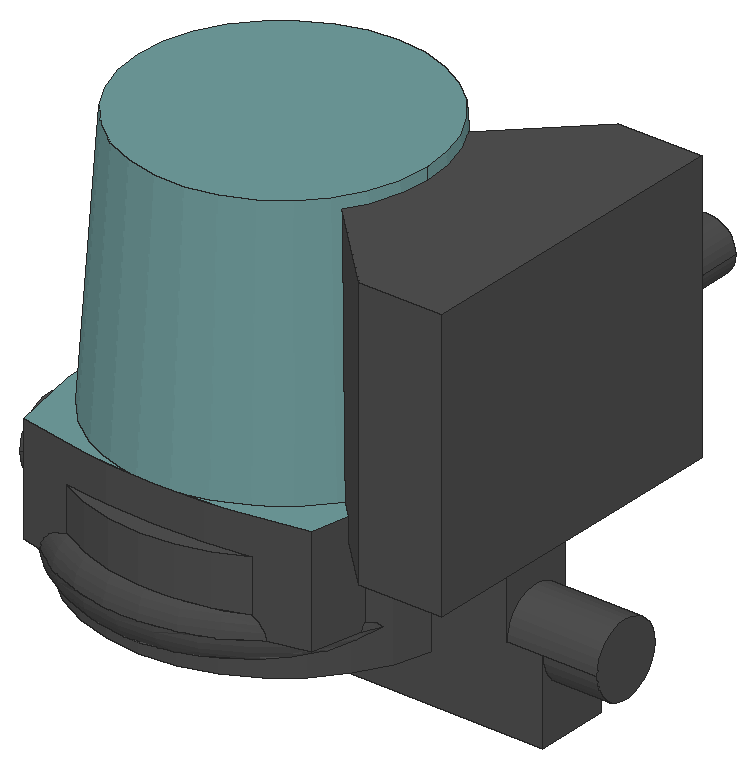
Revit family "Shinhoo_PROMO", category Оборудование, Revit 2019
Family settings
  Размер круглого соединителя = Использовать диаметр
  Классификация = Нет
  Тип детали = Вставляется
  На основе рабочей плоскости = Нет
  Всегда вертикально = Нет
  При загрузке вырезать с полостями = Нет
  Общий = Нет
  Точка расчета площади = Нет
Parameters (values of type "PROMO 15-9A 160 1x230В - 71411001")
  Тип основания = "встроенный"  # constant formula
  Тип Насоса = "Повысительный насос с «мокрым» ротором"  # constant formula
  Степень защиты от удара (IK) = "IK04"  # constant formula
  Скорость вращения = 2850  # constant formula
  Разработчик (телефон) = "+7(495)649-85-43"  # constant formula
  Разработчик (e-mail) = "office@prorubim.com"  # constant formula
  Разработчик = "ООО ПРОРУБИМ"  # constant formula
  Переключатель УГО [instance] = no
  Класс защиты (IP) = "IP43"  # constant formula
  rn_1 = rn + 1 mm  # 11 mm
  rn = DN / 2  # 10 mm
  l_8 = L / 8  # 20 mm
  b1_5 = B1 - 5 mm  # 45 mm
  b1_10 = B1 - 10 mm  # 40 mm
  Группа модели = "PROMO 15-9A"
  Изготовитель = "Shinhoo"  # constant formula
  URL = "https://shinhoopump.ru/"
  L = 160 mm
  H1 = 23 mm
  H2 = 103 mm
  H = H2 + H1  # 126 mm
  DN = 20 mm  # constant formula
  B1 = 50 mm
  B2 = 54 mm
  B = B2 + B1  # 104 mm
  ADSK_Ток = 0.5 A
  ADSK_Расход жидкости = 0.000486 m³/s
  ADSK_Полная мощность = 120 VA
  ADSK_Позиция = ""
  ADSK_Обозначение = "ГОСТ 31839-2012, ГОСТ 12.2.007.0-75, ГОСТ 12.2.003-91, ГОСТ Р МЭК 60204-1-2007,  ГОСТ 30804"  # constant formula
  ADSK_Номинальная мощность = 120 W
  ADSK_Напряжение = 230 V  # constant formula
  ADSK_Наименование краткое = "PROMO 15-9A 160 1x230В"
  ADSK_Наименование = "Повысительный насос с «мокрым» ротором PROMO 15-9A 160 1x230В"
  ADSK_Материал = Чугун с катафорезным покрытием
  ADSK_Масса_Текст = "2.7"
  ADSK_Масса = 2.7
  ADSK_Марка = ""
  ADSK_Коэффициент мощности = 1  # constant formula
  ADSK_Количество = 1  # constant formula
  ADSK_Код изделия = "71411001"
  ADSK_Завод-изготовитель = "Shinhoo"  # constant formula
  ADSK_Единица измерения = "шт"  # constant formula
  ADSK_Версия семейства = "1.0"  # constant formula
  ADSK_Версия Revit = "2019"  # constant formula
  ADSK_URL страницы изделия = "https://shinhoopump.ru/"
Types (3, lengths in mm): name | l_8 | b1_5 | b1_10 | Группа модели | L | H1 | H2 | H | B1 | B2 | B | ADSK_Ток | ADSK_Расход жидкости | ADSK_Полная мощность | ADSK_Номинальная мощность | ADSK_Наименование краткое | ADSK_Наименование | ADSK_Масса_Текст | ADSK_Масса | ADSK_Код изделия
  (no name) | 20 | 45 | 40 | "PROMO 15-9A" | 160 | 23 | 103 | 126 | 50 | 54 | 104 | 0.5 A | 0.000486 m³/s | 120 VA | 120 W | "PROMO 15-9A 160 1x230В" | "Повысительный насос с «мокрым» ротором PROMO 15-9A 160 1x230В" | "2.7" | 2.7 | "71411001"
  PROMO 15-9A 160 1x230В - 71411001 | 20 | 45 | 40 | "PROMO 15-9A" | 160 | 23 | 103 | 126 | 50 | 54 | 104 | 0.5 A | 0.000486 m³/s | 120 VA | 120 W | "PROMO 15-9A 160 1x230В" | "Повысительный насос с «мокрым» ротором PROMO 15-9A 160 1x230В" | "2.7" | 2.7 | "71411001"
  PROMO 15-12A 200 1x230В - 71411002 | 25 | 58 | 53 | "PROMO 15-12A" | 200 | 18 | 132 | 150 | 63 | 69 | 132 | 1.2 A | 0.000778 m³/s | 270 VA | 270 W | "PROMO 15-12A 200 1x230В" | "Повысительный насос с «мокрым» ротором PROMO 15-12A 200 1x230В" | "2.5" | 2.5 | "71411002"
Reference planes
  plane 1 "Center (Front/Back)": y = 0
  plane 2: z = 0
  plane 3 "Center (Left/Right)": x = 0
  plane 4: x = -65
  plane 5: x = 95
  plane 6: through (0, 0, 1200) normal (-0.7071, 0.7071, 0)
  plane 7: y = 45
  plane 8: z = -23
  plane 9: z = 103
  plane 10: through (0, 0, 1200) normal (0.7071, 0.7071, 0)
  plane 11: y = -45
  plane 12: x = 45
  plane 13: x = -45
  plane 14: y = -54
  plane 15: x = -54
  plane 16: x = -2
  plane 17: y = -2
  plane 18: y = 50
  plane 19: x = 50
Forms (mm)
  Extrusion 1, solid, material "Чугун с катафорезным покрытием" <- "ADSK_Материал", detail levels fine
    sketch origin (-65, 716.956, 1200) x (0, 1, 0) y (0, 0, 1)
      loop
        circle (-716.956, -1200) r 10
    from 0 to 160
  Blend 2, solid, material "Чугун с катафорезным покрытием" <- "ADSK_Материал", detail levels fine
    base sketch origin (0, 0, 18.75) x (1, 0, 0) y (0, 1, 0)
      loop
        circle (0, 0) r 45
    top sketch origin (0, 0, 18.75) x (1, 0, 0) y (0, 1, 0)
      loop
        circle (0, 0) r 40
    from 11.25 to 84.25
  Extrusion 3, solid, material "Чугун с катафорезным покрытием" <- "ADSK_Материал", detail levels fine
    sketch origin (0, 0, 0) x (1, 0, 0) y (0, 1, 0)
      loop
        arc (-40, 40) -> (-45, 0) -> (-40, -40) r 162.5
        arc (-40, -40) -> (0, -45) -> (40, -40) r 162.5
        arc (40, -40) -> (45, 0) -> (40, 40) r 162.5
        arc (40, 40) -> (0, 45) -> (-40, 40) r 162.5
    from 0 to 30
  Sweep 4, solid, material "Чугун с катафорезным покрытием" <- "ADSK_Материал", detail levels fine
    path origin (0, 0, 0) x (1, 0, 0) y (0, 1, 0)
      loop
        circle (-2, -2) r 52
    profile origin (-2, 50, 0) x (0, -1, 0) y (0, 0, 1)
      loop
        circle (11, 0) r 10
  Extrusion 5, solid, material "Чугун с катафорезным покрытием" <- "ADSK_Материал", detail levels fine
    sketch origin (0, 0, 0) x (1, 0, 0) y (0, 1, 0)
      loop
        circle (0, 0) r 50
    from -10 to 20
  Extrusion 6, solid, material "Чугун с катафорезным покрытием" <- "ADSK_Материал", detail levels fine
    sketch origin (0, 0, 0) x (1, 0, 0) y (0, 1, 0)
      loop
        line (80, 45) -> (56.944, 45) -> (11.944, 0) -> (56.944, -45) -> (80, -45) -> (80, 45)
    from 25 to 100
  Extrusion 7, solid, material "Чугун с катафорезным покрытием" <- "ADSK_Материал", detail levels fine
    sketch origin (0, 0, 0) x (1, 0, 0) y (0, 0, 1)
      loop
        line (-50, -23) -> (80, -23) -> (80, 0) -> (70, 0) -> (70, 30) -> (0, 30) -> (0, 0) -> (-50, 0) -> (-50, -23)
    from -10 to 10
  Extrusion 8, solid, material "Чугун с катафорезным покрытием" <- "ADSK_Материал", detail levels fine
    sketch origin (56.944, 45, 0) x (1, 0, 0) y (0, 0, -1)
      loop
        circle (13.056, -68) r 7.5
    from 0 to 15
Cuts and joins
  joined: Extrusion 1, Blend 2, Extrusion 3, Sweep 4, Extrusion 5, Extrusion 6, Extrusion 7, Extrusion 8
Dimensions and locks
  "L": plane 4 to plane 5
  "b1_5": plane 1 "Center (Front/Back)" to plane 7
  "H1": level to plane 8
  "H2": plane 9 to level
  plane 4 to Extrusion 1 = 160 mm
  locked: plane 7 to Extrusion 3 sketch curve at 5  (x2)
  "b1_5": plane 13 to plane 3 "Center (Left/Right)" to plane 12
  "b1_5": plane 11 to plane 1 "Center (Front/Back)"
  locked: plane 11 to Extrusion 3 sketch curve at 5  (x2)
  locked: Extrusion 3 sketch curve to plane 12 at 5  (x2)
  locked: plane 13 to Extrusion 3 sketch curve at 5  (x2)
  locked: plane 7 to Extrusion 3 sketch curve at 0
  locked: plane 11 to Extrusion 3 sketch curve at 0
  locked: plane 12 to Extrusion 3 sketch curve at 0
  locked: plane 13 to Extrusion 3 sketch curve at 0
  "B2": plane 15 to plane 3 "Center (Left/Right)"
  "B2": plane 1 "Center (Front/Back)" to plane 14
  equal spacing: plane 15, plane 16, plane 19
  equal spacing: plane 18, plane 17, plane 14
  locked: cut or joined group of Extrusion 1, Blend 2, Extrusion 3, Sweep 4, Extrusion 5, Extrusion 6, Extrusion 7, Extrusion 8 to level at 30
  "B1": plane 1 "Center (Front/Back)" to plane 18
  "B1": plane 3 "Center (Left/Right)" to plane 19
  "rn_1": profile plane to Sweep 4 sketch curve
  "rn": level to Extrusion 5
  "l_8": plane 4 to plane 13
  locked: Extrusion 6 sketch curve to plane 5 at 15
  locked: plane 9 to Extrusion 6 at 3
  locked: cut or joined group of Extrusion 1, Blend 2, Extrusion 3, Sweep 4, Extrusion 5, Extrusion 6, Extrusion 7, Extrusion 8 to Extrusion 6 at 5
  locked: Extrusion 7 sketch curve to plane 4 at 15
  locked: plane 5 to Extrusion 7 sketch curve at 15
  "rn": Extrusion 7 to plane 1 "Center (Front/Back)" to Extrusion 7
  locked: plane 5 to Extrusion 7 sketch curve at 25
  locked: plane 5 to Extrusion 8 sketch curve at 25
  locked: plane 9 to Extrusion 8 sketch curve at 35
  "b1_5": radius of Blend 2 sketch curve
  "b1_10": radius of Blend 2 sketch curve
  "DN": diameter of Extrusion 1 sketch curve
  "DN": diameter of Sweep 4 sketch curve
  "B1": radius of Extrusion 5 sketch curve
  locked: Extrusion 6 sketch curve to Extrusion 6 sketch curve (angle 135.00°)  (x2)
  aligned and locked: level to plane 2
  aligned and locked: plane 9 to Blend 2
  aligned and locked: Blend 2 to Extrusion 3
  aligned and locked: plane 3 "Center (Left/Right)" to nested 1
  aligned and locked: plane 1 "Center (Front/Back)" to nested 1
  aligned and locked: Extrusion 3 to level
  aligned and locked: plane 17 to Sweep 4 sketch curve
  aligned and locked: plane 16 to Sweep 4 sketch curve
  aligned and locked: level to Sweep 4 sketch curve
  aligned and locked: plane 1 "Center (Front/Back)" to Extrusion 5 sketch curve
  aligned and locked: plane 3 "Center (Left/Right)" to Extrusion 5 sketch curve
  aligned and locked: plane 5 to Extrusion 1
  aligned and locked: Extrusion 6 sketch curve to plane 11
  aligned and locked: Extrusion 6 sketch curve to plane 7
  aligned and locked: level to Extrusion 7 sketch curve
  aligned and locked: Extrusion 7 sketch curve to plane 8
  aligned and locked: Extrusion 7 sketch curve to plane 3 "Center (Left/Right)"
  aligned and locked: Extrusion 7 sketch curve to cut or joined group of Extrusion 1, Blend 2, Extrusion 3, Sweep 4, Extrusion 5, Extrusion 6, Extrusion 7, Extrusion 8
Automatic sketch dimensions
  plane 1 "Center (Front/Back)" to Extrusion 6 sketch curve = 0 mm
  plane 19 to Extrusion 6 sketch curve = 6.944 mm
  Extrusion 7 sketch curve to level = 0 mm
  Extrusion 1 sketch curve to level = 0 mm
  Extrusion 1 sketch curve to plane 1 "Center (Front/Back)" = 0 mm
  plane 1 "Center (Front/Back)" to Blend 2 sketch curve = 0 mm  (x2)
  Blend 2 sketch curve to plane 3 "Center (Left/Right)" = 0 mm  (x2)
  radius of Sweep 4 sketch curve = 52 mm
  radius of Extrusion 8 sketch curve = 7.5 mm
Nested families
  nested 1: "УГО_Насос циркуляционный" at (0, 0, 0), L_УГО <- "L", Переключатель УГО <- "Переключатель УГО", type "УГО_Насос циркуляционный", detail levels coarse+medium
    with УГО yes, Переключатель УГО no, L_УГО 160 mm
Connectors
  piping at (-65, 0, 0), diameter 20, driven by "DN", driven by "ADSK_Расход жидкости"
    settings: on cut or joined group of Extrusion 1, Blend 2, Extrusion 3, Sweep 4, Extrusion 5, Extrusion 6, Extrusion 7, Extrusion 8, index 1, connector inside diameter 609.6 mm, connector length 0 mm, flow factor 0, pipe flow 0.000486 m³/s, pressure drop 0.0 Pa, fitting loss kfactor 0, connector angle 0.00°, fixture units 0, engagement length 0 mm, angle of deflection 0.00°, flow configuration 0, flow direction 1, fitting loss method 0, system type 29, joint type 0, gender type 0, connector reference index 2, connector utility 0, adjustable connector no, is connector primary yes, connector description ""
  piping at (95, 0, 0), diameter 20, driven by "DN", driven by "ADSK_Расход жидкости"
    settings: on cut or joined group of Extrusion 1, Blend 2, Extrusion 3, Sweep 4, Extrusion 5, Extrusion 6, Extrusion 7, Extrusion 8, index 2, connector inside diameter 609.6 mm, connector length 0 mm, flow factor 0, pipe flow 0.000486 m³/s, pressure drop 0.0 Pa, fitting loss kfactor 0, connector angle 0.00°, fixture units 0, engagement length 0 mm, angle of deflection 0.00°, flow configuration 0, flow direction 2, fitting loss method 0, system type 29, joint type 0, gender type 0, connector reference index 1, connector utility 0, adjustable connector no, is connector primary no, connector description ""
  electrical at (70, 60, 68), driven by "ADSK_Напряжение", driven by "ADSK_Полная мощность", driven by "ADSK_Коэффициент мощности"
    settings: on cut or joined group of Extrusion 1, Blend 2, Extrusion 3, Sweep 4, Extrusion 5, Extrusion 6, Extrusion 7, Extrusion 8, index 3, voltage 230 V, apparent load 120 VA, apparent load phase1 0 VA, apparent load phase2 0 VA, apparent load phase3 0 VA, power factor 1, load classification "Other", number of poles 1, system type 30, power factor state 0, is connector primary yes, connector utility no, sub classification motor no, connector description ""
